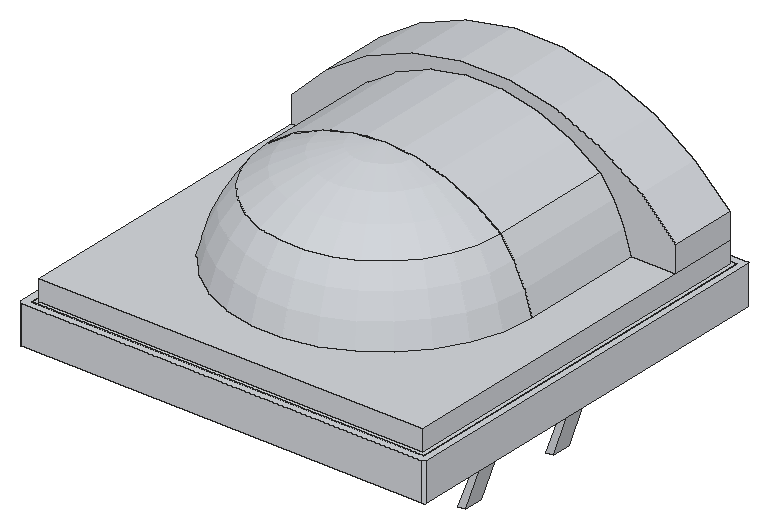
Revit family "Gira_537501", category Electrical Fixtures, host Face, Revit 2017
Family settings
  Host = Face
  Maintain Annotation Orientation = Yes
  Round Connector Dimension = Use Diameter
  Part Type = Normal
  Cut with Voids When Loaded = No
  Shared = No
  Room Calculation Point = No
Parameters (values of type "S3000 motion detec.top 2.20 m Standard System 55 cr.white")
  URL = "http://katalog.gira.de/en/datenblatt.html?artikelnr=537501"
  Name = "S3000 motion detec.top 2.20 m Standard System 55 cr.white"
  Model = "Movement sensor"
  Manufacturer URL = "https://www.gira.de/"
  Manufacturer = "Gira"
  Keynote = ""
  HeinzeBIM = "https://bimportal.heinze.de/bim/s3000-motion-detec-top-2-20-m-standard-system-55-cr-white/3989159d0ca8546c59d85e686acc37d2976015f2"
  HAN = "537501"
  GTIN = "4010337051138"
  Description = "S3000 mot.det.top 2.20m Std Sys55 CW,System 3000 motion detector top unit 2.20 m Standard,System 55,cream white glossy,Features:,- Automatic switching of lighting, depending on the movement of heat and ambient brightness.,- Operation with System 3000 switching or dimming insert or 3-wire auxiliary insert.,- Expansion of the detection range in combination with the 3-wire auxiliary insert.,- Adjustable brightness threshold.,- Sensitivity adjustable in four steps.,- When connecting a System 3000 auxiliary insert with an operating top unit or mechanical button to the main unit, the lighting can be switched on or dimmed for the duration of the delay time.,With System 3000 dimming insert:,- Switch on with the last brightness set, or a saved switch-on brightness.,- The switch-on brightness can only be saved permanently via the System 3000 auxiliary insert with operating top unit."
  Default Elevation = 1219.2 mm
  Data sheet (1) = "https://katalog.gira.de/en/download.html?artikelnr=537501"
  Category = "Sensor element for movement sensor"
  BIM (1) = "https://media.stage.bim.site/public/gira/36a6b08/Bewegungsmelder_2,20m.rfa"
  Available = "No"
Reference planes
  plane 1 "Center (Front/Back)": y = 0
  plane 2: z = 0
  plane 3 "Center (Left/Right)": x = 0
Forms (mm)
  Extrusion 1, solid, detail levels fine
    sketch origin (0, 0, 0) x (1, 0, 0) y (0, 0, 1)
      loop
        line (-33.25, 14.602) -> (-33.25, 10.1) -> (33.25, 10.1) -> (33.25, 14.602)
        arc (33.25, 14.602) -> (0, 30.256) -> (-33.25, 14.602) r 43.139
    from -33.25 to -21.609
  Extrusion 2, solid, detail levels fine
    sketch origin (0, 0, 0) x (1, 0, 0) y (0, 1, 0)
      loop
        line (-33.25, 33.25) -> (-33.25, -33.25) -> (33.25, -33.25) -> (33.25, 33.25) -> (-33.25, 33.25)
    from 6.6 to 10.1
  Extrusion 3, solid, detail levels fine
    sketch origin (0, 0, 0) x (1, 0, 0) y (0, 0, 1)
      loop
        arc (20.138, 21.225) -> (0, 28.457) -> (-20.138, 21.225) r 31.652
        arc (-20.138, 21.225) -> (-23.48, 15.984) -> (-25.486, 10.1) r 26.053
        line (-25.486, 10.1) -> (25.486, 10.1)
        arc (25.486, 10.1) -> (23.48, 15.984) -> (20.138, 21.225) r 26.053
    from -21.609 to 0
  Revolve 4, solid, detail levels fine
    sketch origin (0, 0, 0) x (1, 0, 0) y (0, 0, 1)
      loop
        arc (0, 28.457) -> (-10.699, 26.594) -> (-20.138, 21.225) r 31.652
        arc (-20.138, 21.225) -> (-23.48, 15.984) -> (-25.486, 10.1) r 26.053
        line (-25.486, 10.1) -> (0, 10.1) -> (0, 28.457)
      axis (0, 28.457) -> (0, 10.1)
    angle from -180 to 0
  Extrusion 5, solid, detail levels fine
    sketch origin (0, 0, 0) x (1, 0, 0) y (0, 1, 0)
      loop
        spline (-34.7, 35.2) -> (-34.765, 35.196) -> (-34.829, 35.183) -> (-34.891, 35.162) -> (-34.95, 35.133) -> (-35.004, 35.097) -> (-35.054, 35.054) -> (-35.097, 35.004) -> (-35.133, 34.95) -> (-35.162, 34.891) -> (-35.183, 34.829) -> (-35.196, 34.765) -> (-35.2, 34.7)
        line (-35.2, 34.7) -> (-35.2, -34.7)
        spline (-35.2, -34.7) -> (-35.196, -34.765) -> (-35.183, -34.829) -> (-35.162, -34.891) -> (-35.133, -34.95) -> (-35.097, -35.004) -> (-35.054, -35.054) -> (-35.004, -35.097) -> (-34.95, -35.133) -> (-34.891, -35.162) -> (-34.829, -35.183) -> (-34.765, -35.196) -> (-34.7, -35.2)
        line (-34.7, -35.2) -> (34.7, -35.2)
        spline (34.7, -35.2) -> (34.765, -35.196) -> (34.829, -35.183) -> (34.891, -35.162) -> (34.95, -35.133) -> (35.004, -35.097) -> (35.054, -35.054) -> (35.097, -35.004) -> (35.133, -34.95) -> (35.162, -34.891) -> (35.183, -34.829) -> (35.196, -34.765) -> (35.2, -34.7)
        line (35.2, -34.7) -> (35.2, 34.7)
        spline (35.2, 34.7) -> (35.196, 34.765) -> (35.183, 34.829) -> (35.162, 34.891) -> (35.133, 34.95) -> (35.097, 35.004) -> (35.054, 35.054) -> (35.004, 35.097) -> (34.95, 35.133) -> (34.891, 35.162) -> (34.829, 35.183) -> (34.765, 35.196) -> (34.7, 35.2)
        line (34.7, 35.2) -> (-34.7, 35.2)
      loop
        line (-33.986, 33.986) -> (-33.986, -33.986) -> (33.986, -33.986) -> (33.986, 33.986) -> (-33.986, 33.986)
    from 0 to 6.6
  Extrusion 6, solid, detail levels fine
    sketch origin (0, 0, 0) x (1, 0, 0) y (0, 1, 0)
      loop
        line (-33.986, 33.986) -> (-33.986, -33.986) -> (33.986, -33.986) -> (33.986, 33.986) -> (-33.986, 33.986)
    from 5 to 6.6
  Extrusion 7, solid
    sketch origin (0, 0, 0) x (1, 0, 0) y (0, 1, 0)
      loop
        line (-23.656, 22.752) -> (-23.656, -22.748)
        arc (-23.656, -22.748) -> (-23.409, -23.369) -> (-22.801, -23.65) r 0.904
        line (-22.801, -23.65) -> (22.796, -23.65)
        arc (22.796, -23.65) -> (23.404, -23.369) -> (23.656, -22.748) r 0.904
        line (23.656, -22.748) -> (23.652, 22.752)
        arc (23.652, 22.752) -> (23.404, 23.374) -> (22.796, 23.655) r 0.904
        line (22.796, 23.655) -> (-22.801, 23.655)
        arc (-22.801, 23.655) -> (-23.409, 23.374) -> (-23.656, 22.752) r 0.904
    from -3.2 to 5
  Extrusion 8, solid, detail levels fine
    sketch origin (0, 0, 0) x (1, 0, 0) y (0, 1, 0)
      loop
        line (-27.334, -25) -> (-26.366, -25) -> (-26.366, 26.298) -> (26.366, 26.298) -> (26.366, -25) -> (27.334, -25) -> (27.334, 27.402) -> (-27.334, 27.402) -> (-27.334, -25)
    from -1.1 to 5
  Extrusion 9, solid, detail levels fine
    sketch origin (0, 0, 0) x (1, 0, 0) y (0, 1, 0)
      loop
        line (-5.141, 20.682) -> (-5.141, 15.098)
        spline (-5.141, 15.098) -> (-5.133, 14.968) -> (-5.107, 14.84) -> (-5.065, 14.716) -> (-5.007, 14.599) -> (-4.935, 14.49) -> (-4.849, 14.391) -> (-4.75, 14.305) -> (-4.641, 14.233) -> (-4.524, 14.175) -> (-4.4, 14.133) -> (-4.272, 14.107) -> (-4.142, 14.099)
        line (-4.142, 14.099) -> (4.142, 14.099)
        spline (4.142, 14.099) -> (4.272, 14.107) -> (4.4, 14.133) -> (4.524, 14.175) -> (4.641, 14.233) -> (4.75, 14.305) -> (4.849, 14.391) -> (4.935, 14.49) -> (5.007, 14.599) -> (5.065, 14.716) -> (5.107, 14.84) -> (5.133, 14.968) -> (5.141, 15.098)
        line (5.141, 15.098) -> (5.141, 20.682)
        spline (5.141, 20.682) -> (5.133, 20.812) -> (5.107, 20.94) -> (5.065, 21.064) -> (5.007, 21.181) -> (4.935, 21.29) -> (4.849, 21.389) -> (4.75, 21.475) -> (4.641, 21.547) -> (4.524, 21.605) -> (4.4, 21.647) -> (4.272, 21.673) -> (4.142, 21.681)
        line (4.142, 21.681) -> (-4.142, 21.681)
        spline (-4.142, 21.681) -> (-4.272, 21.673) -> (-4.4, 21.647) -> (-4.524, 21.605) -> (-4.641, 21.547) -> (-4.75, 21.475) -> (-4.849, 21.389) -> (-4.935, 21.29) -> (-5.007, 21.181) -> (-5.065, 21.064) -> (-5.107, 20.94) -> (-5.133, 20.812) -> (-5.141, 20.682)
    from -19.6 to -3.2
  Extrusion 10, solid, detail levels fine
    sketch origin (0, 0, 0) x (1, 0, 0) y (0, 0, 1)
      loop
        line (-24.966, -3.825) -> (-25.395, -8.726) -> (-23.048, -15.543) -> (-21.665, -15.713) -> (-24.338, -8.563) -> (-23.422, -1.1) -> (-25.014, -1.1) -> (-24.966, -3.825)
      loop
        line (24.966, -3.825) -> (25.014, -1.1) -> (23.422, -1.1) -> (24.338, -8.563) -> (21.665, -15.713) -> (23.048, -15.543) -> (25.395, -8.726) -> (24.966, -3.825)
    from -11.1 to -7.9
  Extrusion 11, solid, detail levels fine
    sketch origin (0, 0, 0) x (1, 0, 0) y (0, 0, -1)
      loop
        line (-24.966, 3.825) -> (-25.014, 1.1) -> (-23.422, 1.1) -> (-24.338, 8.563) -> (-21.665, 15.713) -> (-23.048, 15.543) -> (-25.395, 8.726) -> (-24.966, 3.825)
      loop
        line (24.966, 3.825) -> (25.395, 8.726) -> (23.048, 15.543) -> (21.665, 15.713) -> (24.338, 8.563) -> (23.422, 1.1) -> (25.014, 1.1) -> (24.966, 3.825)
    from -11.1 to -7.9
  Extrusion 12, solid
    sketch origin (0, 0, 0) x (1, 0, 0) y (0, 1, 0)
      loop
        line (-23.656, 22.752) -> (-23.656, -22.748)
        arc (-23.656, -22.748) -> (-23.409, -23.369) -> (-22.801, -23.65) r 0.904
        line (-22.801, -23.65) -> (22.796, -23.65)
        arc (22.796, -23.65) -> (23.404, -23.369) -> (23.656, -22.748) r 0.904
        line (23.656, -22.748) -> (23.652, 22.752)
        arc (23.652, 22.752) -> (23.404, 23.374) -> (22.796, 23.655) r 0.904
        line (22.796, 23.655) -> (-22.801, 23.655)
        arc (-22.801, 23.655) -> (-23.409, 23.374) -> (-23.656, 22.752) r 0.904
    from -3.2 to 5
  Extrusion 13, solid, detail levels medium
    sketch origin (0, 0, 0) x (1, 0, 0) y (0, 1, 0)
      loop
        line (-35.2, 35.2) -> (-35.2, -35.2) -> (35.2, -35.2) -> (35.2, 35.2) -> (-35.2, 35.2)
    from 0 to 6.6
  Extrusion 14, solid, detail levels medium
    sketch origin (0, 0, 0) x (1, 0, 0) y (0, 1, 0)
      loop
        line (-33.25, 33.25) -> (-33.25, -33.25) -> (33.25, -33.25) -> (33.25, 33.25) -> (-33.25, 33.25)
    from 6.6 to 30.256
  Extrusion 15, solid, detail levels medium
    sketch origin (0, 0, 0) x (1, 0, 0) y (0, 1, 0)
      loop
        line (-23.656, 23.655) -> (-23.656, -23.65) -> (23.656, -23.65) -> (23.656, 23.655) -> (-23.656, 23.655)
    from -3.2 to 5
  Extrusion 16, solid, detail levels medium
    sketch origin (0, 0, 0) x (1, 0, 0) y (0, 0, 1)
      loop
        line (-25.014, -1.1) -> (-25.014, -15.713) -> (-21.665, -15.713) -> (-21.665, -1.1) -> (-25.014, -1.1)
      loop
        line (25.014, -1.1) -> (21.665, -1.1) -> (21.665, -15.713) -> (25.014, -15.713) -> (25.014, -1.1)
    from -11.1 to -7.9
  Extrusion 17, solid, detail levels medium
    sketch origin (0, 0, 0) x (1, 0, 0) y (0, 0, -1)
      loop
        line (-25.014, 1.1) -> (-21.665, 1.1) -> (-21.665, 15.713) -> (-25.014, 15.713) -> (-25.014, 1.1)
      loop
        line (25.014, 1.1) -> (25.014, 15.713) -> (21.665, 15.713) -> (21.665, 1.1) -> (25.014, 1.1)
    from -11.1 to -7.9
  Extrusion 18, solid, detail levels medium
    sketch origin (0, 0, 0) x (1, 0, 0) y (0, 1, 0)
      loop
        line (-5.141, 14.099) -> (5.141, 14.099) -> (5.141, 21.681) -> (-5.141, 21.681) -> (-5.141, 14.099)
    from -19.6 to -3.2
  Extrusion 19, solid, detail levels coarse
    sketch origin (0, 0, 0) x (1, 0, 0) y (0, 1, 0)
      loop
        line (-35.2, 35.2) -> (-35.2, -35.2) -> (35.2, -35.2) -> (35.2, 35.2) -> (-35.2, 35.2)
    from -19.6 to 30.256
Dimensions and locks
  aligned and locked: plane 2 to host face
  aligned and locked: level to host face
  aligned and locked: nested 1 to plane 3 "Center (Left/Right)"
  aligned and locked: plane 1 "Center (Front/Back)" to nested 1
Nested families
  nested 1: "Belegungssensor - Bewegung - Aufputz - Beschriftung" at (0, 0, 0) x (0, -1, 0) z (0, 0, 1), type "Belegungssensor - Bewegung - Aufputz - Beschriftung"
Connectors
  electrical at (0, 0, -19.6)
    settings: on Extrusion 19, index 1, voltage 220 V, apparent load 0 VA, apparent load phase1 0 VA, apparent load phase2 0 VA, apparent load phase3 0 VA, power factor 1, load classification "Other", number of poles 1, system type 30, power factor state 1, is connector primary yes, connector utility no, sub classification motor no, connector description ""
Definition of nested family "Belegungssensor - Bewegung - Aufputz - Beschriftung"
  Reference planes
    plane 1: y = 0
    plane 2: x = 0
  Lines and regions (mm)
    Filled region 1, type "Gefüllter Bereich 1"
      outline origin (143.425, -20.712, 0) x (1, 0, 0) y (0, 1, 0)
        loop
          line (-148.697, 21.204) -> (-148.697, 20.409) -> (-147.583, 20.807) -> (-148.697, 21.204)
    Filled region 2, type "Gefüllter Bereich 1"
      outline origin (141.808, 30.001, 0) x (0.939693, 0.34202, 0) y (-0.34202, 0.939693, 0)
        loop
          line (-148.694, 21.203) -> (-148.694, 20.41) -> (-147.583, 20.807) -> (-148.694, 21.203)
    Filled region 3, type "Gefüllter Bereich 1"
      outline origin (141.819, -29.825, 0) x (-0.34202, -0.939693, 0) y (0.939693, -0.34202, 0)
        loop
          line (21.204, -148.697) -> (20.807, -147.583) -> (20.409, -148.697) -> (21.204, -148.697)
    detail lines
      curve 1: line (-1.207, 0.095, 0) -> (-3.486, 1.411, 0)
      curve 2: line (-1.207, 0.095, 0) -> (-3.486, -1.221, 0)
      curve 5: arc (-3.252, 1.752, 0) -> (-3.839, 0.095, 0) -> (-3.252, -1.562, 0) r 2.632
      curve 6: line (-6, 3, 0) -> (0, 3, 0)
      curve 7: line (-6, -3, 0) -> (-6, 3, 0)
      curve 8: line (0, -3, 0) -> (-6, -3, 0)
      curve 9: line (0, 3, 0) -> (0, -3, 0)
    reference lines
      curve 3: line (-1.207, 0.095, 0) -> (-3.616, 2.046, 0)
      curve 4: line (-1.207, 0.095, 0) -> (-3.616, -1.856, 0)
  Dimensions and locks
    curve 1 to curve 1 = 2.632 mm
    curve 2 to curve 2 = 2.632 mm
    curve 6 to curve 8 = 6 mm
    curve 7 to curve 9 = 6 mm
    angle curve 1 to curve 2 = 60.00°
    aligned and locked: curve 6 to curve 7
    aligned and locked: curve 9 to curve 9
